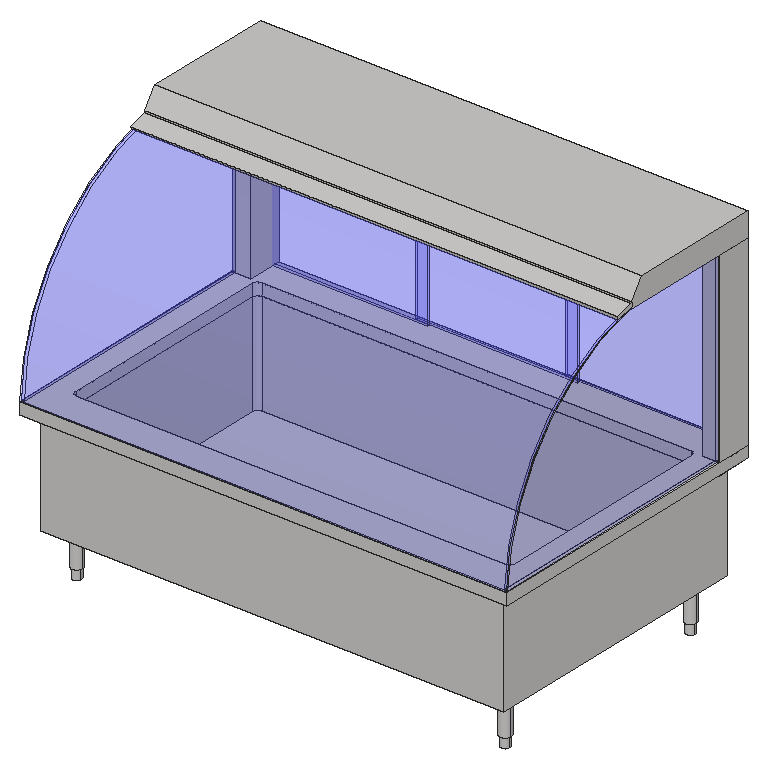
Revit family "QF_Vollrath_40732", category Specialty Equipment, Revit 2018
Family settings
  Round Connector Dimension = Use Diameter
  Part Type = Normal
  OmniClass Number = 23.40.40.11.21
  OmniClass Title = Hot Cabinets
  Work Plane-Based = No
  Always vertical = Yes
  Cut with Voids When Loaded = No
  Shared = No
  Room Calculation Point = No
Parameters (values of type "40732/BMA7103")
  Width = 3' - 6"
  Weight in Pounds = 143
  Watts = 1440 W
  Watermarked By = "http://revitwatermark.com"
  Volts = 120 V
  URL Cutsheet = ""
  URL = "www.vollrathfoodservice.com"
  Status [instance] = ""
  Specification by User [instance] = ""
  Specification by Manufacturer [instance] = ""
  Serial Number [instance] = ""
  Seismic Rating [instance] = ""
  SMACNA No [instance] = ""
  Revision Code [instance] = ""
  Phase = 1
  Number of Poles [instance] = 1
  NAFEM Spec ID Number [instance] = ""
  Model = "40732/BMA7103"
  Masterspec [instance] = ""
  Manufacturer = "Vollrath"
  Item Number [instance] = "-"
  Installed By [instance] = ""
  Furnished By [instance] = ""
  Foodservice Equipment Identifier [instance] = yes
  FL Amps = 12 A
  Electrical Remarks [instance] = ""
  Electric Connection Type [instance] = ""
  Elec Conn RI Height [instance] = 0' - 0"
  Elec Conn Connection Height [instance] = 2' - 7 1/2"
  Description = "Bain Marie Display Case"
  Cycle = 60 Hz
  Conn Plug = "NEMA 5-15P"
  CSI MasterFormat = "11 41 00"
  Assembly Code = "E1090320"
  Apparent Power = Volts * FL Amps  # 1440 VA
Reference planes (in)
  plane 1: z = 0
  plane 2 "RIGHT": x = 18.71801
  plane 3 "Front of Base": y = -20
  plane 4 "FRONT": y = -21
  plane 5 "Back of Base": y = 4
  plane 6 "Left Support": x = -21.78199
  plane 7 "Right Support": x = 17.21801
  plane 8: x = -9.28199
  plane 9: x = 4.71801
  plane 10 "Top of Base": z = 13
  plane 11 "Bottom": z = 4
  plane 12 "TOP": z = 32.125
  plane 13: x = -23.28199
  plane 14 "2": y = 5
  plane 15 "Inside of Support": y = 2
  plane 16 "Legs": z = 0
Forms (in)
  Extrusion 1, solid, material "QF_Finishes_Stainless Steel"
    sketch origin (-23.78199, 0, -19) x (0, 1, 0) y (0, 0, 1)
      loop
        line (5, 32) -> (5, 33) -> (-21, 33) -> (-21, 32) -> (5, 32)
    from 0.5 to 42.5
  Extrusion 2, solid, material "QF_Finishes_Stainless Steel"
    sketch origin (18.71801, -5.5, -18.375) x (0, 1, 0) y (0, 0, 1)
      loop
        line (10.5, 50.5) -> (-0.92405, 50.5) -> (-2, 48.96339) -> (-2, 48.46339) -> (10.5, 48.46339) -> (10.5, 50.5)
    from 0 to -42
  Extrusion 3, solid, material "QF_Finishes_Glass"
    sketch origin (18.71801, 0, -21.69898) x (0, 1, 0) y (0, 0, 1)
      loop
        line (-21, 35.69898) -> (-20.86831, 35.69898)
        arc (-20.86831, 35.69898) -> (-16.96888, 46.05709) -> (-7.5, 51.78737) r 16.91643
        line (-7.5, 51.78737) -> (-7.5, 51.90997)
        arc (-7.5, 51.90997) -> (-17.06012, 46.14466) -> (-21, 35.69898) r 17.04084
    from 0 to -42
  Extrusion 4, solid, material "QF_Finishes_Stainless Steel"
    sketch origin (0, 0, 13) x (0, 1, 0) y (-1, 0, 0)
      loop
        line (4, 22.28199) -> (-20, 22.28199) -> (-20, -17.71801) -> (4, -17.71801) -> (4, 22.28199)
      loop
        arc (-17.5, 21.28199) -> (-17.85355, 21.13555) -> (-18, 20.78199) r 0.5
        line (-18, 20.78199) -> (-18, -16.21801)
        arc (-18, -16.21801) -> (-17.85355, -16.57156) -> (-17.5, -16.71801) r 0.5
        line (-17.5, -16.71801) -> (1.5, -16.71801)
        arc (1.5, -16.71801) -> (1.85355, -16.57156) -> (2, -16.21801) r 0.5
        line (2, -16.21801) -> (2, 20.78199)
        arc (2, 20.78199) -> (1.85355, 21.13555) -> (1.5, 21.28199) r 0.5
        line (1.5, 21.28199) -> (-17.5, 21.28199)
    from 0 to -9
  Extrusion 5, solid, material "QF_Finishes_Stainless Steel"
    sketch origin (0, 0, 4) x (0, 1, 0) y (-1, 0, 0)
      loop
        arc (3.375, 21.03199) -> (3.11872, 21.65071) -> (2.5, 21.90699) r 0.875
        line (2.5, 21.90699) -> (-19, 21.90699)
        arc (-19, 21.90699) -> (-19.61872, 21.65071) -> (-19.875, 21.03199) r 0.875
        line (-19.875, 21.03199) -> (-19.875, -15.96801)
        arc (-19.875, -15.96801) -> (-19.61872, -16.58673) -> (-19, -16.84301) r 0.875
        line (-19, -16.84301) -> (2.5, -16.84301)
        arc (2.5, -16.84301) -> (3.11872, -16.58673) -> (3.375, -15.96801) r 0.875
        line (3.375, -15.96801) -> (3.375, 21.03199)
    from 0 to 0.125
  Extrusion 6, solid, material "QF_Finishes_Stainless Steel"
    sketch origin (0, 0, -18.5) x (1, 0, 0) y (0, 1, 0)
      loop
        line (-23.28199, 5) -> (-23.28199, 2) -> (-21.78199, 2) -> (-21.78199, 5) -> (-23.28199, 5)
    from 31.5 to 48.58839
  Extrusion 7, solid, material "QF_Finishes_Stainless Steel"
    sketch origin (-4.56398, 0, -18.5) x (-1, 0, 0) y (0, -1, 0)
      loop
        line (-23.28199, -5) -> (-21.78199, -5) -> (-21.78199, -2) -> (-23.28199, -2) -> (-23.28199, -5)
    from 31.5 to 48.58839
  Extrusion 8, solid, material "QF_Finishes_Glass"
    sketch origin (-21.78199, 0, -18.5) x (0, 1, 0) y (0, 0, 1)
      loop
        line (1.9375, 48.52589) -> (-7.78024, 48.52589)
        arc (-7.78024, 48.52589) -> (-17.04036, 42.77149) -> (-20.86652, 32.5625) r 16.91643
        line (-20.86652, 32.5625) -> (1.9375, 32.5625) -> (1.9375, 48.52589)
    from -1.5 to -1.22869
  Extrusion 9, solid, material "QF_Finishes_Glass"
    sketch origin (17.21801, 0, -18.5) x (0, 1, 0) y (0, 0, -1)
      loop
        line (1.9375, -48.52589) -> (1.9375, -32.5625) -> (-20.86652, -32.5625)
        arc (-20.86652, -32.5625) -> (-17.04036, -42.77149) -> (-7.78024, -48.52589) r 16.91643
        line (-7.78024, -48.52589) -> (1.9375, -48.52589)
    from -1.5 to -1.22869
  Extrusion 10, solid, material "QF_Finishes_Stainless Steel"
    sketch origin (-21.78199, 0, -18.5) x (0, 1, 0) y (0, 0, 1)
      loop
        line (-7.5, 48.72661) -> (-7.5, 48.97661) -> (-9.00835, 48.56529) -> (-8.95105, 48.34654) -> (-7.5, 48.72661)
    from -1.5 to 40.5
  Extrusion 11, void
    sketch origin (0, 0, -18.5) x (1, 0, 0) y (0, 1, 0)
      loop
        arc (-21.28199, -17.5) -> (-21.13555, -17.85355) -> (-20.78199, -18) r 0.5
        line (-20.78199, -18) -> (16.21801, -18)
        arc (16.21801, -18) -> (16.57156, -17.85355) -> (16.71801, -17.5) r 0.5
        line (16.71801, -17.5) -> (16.71801, 1.5)
        arc (16.71801, 1.5) -> (16.57156, 1.85355) -> (16.21801, 2) r 0.5
        line (16.21801, 2) -> (-20.78199, 2)
        arc (-20.78199, 2) -> (-21.13555, 1.85355) -> (-21.28199, 1.5) r 0.5
        line (-21.28199, 1.5) -> (-21.28199, -17.5)
    from 31.40934 to 32.63058
  Extrusion 12, solid, material "QF_Finishes_Glass"
    sketch origin (0, -0.5, -18.5) x (1, 0, 0) y (0, 1, 0)
      loop
        line (-21.78199, 5) -> (-21.78199, 4.75) -> (-8.28199, 4.75) -> (-8.28199, 5) -> (-21.78199, 5)
    from 32.5 to 49.08839
  Extrusion 13, solid, material "QF_Finishes_Glass"
    sketch origin (12.5, -0.25, -18.5) x (1, 0, 0) y (0, 1, 0)
      loop
        line (-22.03199, 5) -> (-22.03199, 4.75) -> (-8.03199, 4.75) -> (-8.03199, 5) -> (-22.03199, 5)
    from 32.5 to 49.08839
  Extrusion 14, solid, material "QF_Finishes_Glass"
    sketch origin (26, 0, -18.5) x (1, 0, 0) y (0, 1, 0)
      loop
        line (-22.78199, 5) -> (-22.78199, 4.75) -> (-8.78199, 4.75) -> (-8.78199, 5) -> (-22.78199, 5)
    from 32.5 to 49.08839
  Extrusion 15, solid, material "QF_Finishes_Stainless Steel"
    sketch origin (0, 0, -18.5) x (1, 0, 0) y (0, 1, 0)
      loop
        circle (-20.78199, 2) r 0.5
    from 19.39212 to 22.5
  Extrusion 16, solid, material "QF_Finishes_Stainless Steel"
    sketch origin (0, -16, -18.5) x (1, 0, 0) y (0, 1, 0)
      loop
        circle (-20.78199, -2) r 0.5
    from 19.39212 to 22.5
  Extrusion 17, solid, material "QF_Finishes_Stainless Steel"
    sketch origin (-4.56398, 0, -18.5) x (-1, 0, 0) y (0, -1, 0)
      loop
        circle (-20.78199, -2) r 0.5
    from 19.39212 to 22.5
  Extrusion 18, solid, material "QF_Finishes_Stainless Steel"
    sketch origin (-4.56398, -16, -18.5) x (-1, 0, 0) y (0, -1, 0)
      loop
        circle (-20.78199, 2) r 0.5
    from 19.39212 to 22.5
  Extrusion 19, solid, material "QF_Finishes_Stainless Steel"
    sketch origin (0, 0, -18.5) x (1, 0, 0) y (0, 1, 0)
      loop
        circle (-20.78199, 2) r 0.375
    from 18.5 to 19.39212
  Extrusion 20, solid, material "QF_Finishes_Stainless Steel"
    sketch origin (0, -20, -18.5) x (1, 0, 0) y (0, 1, 0)
      loop
        circle (-20.78199, 2) r 0.375
    from 18.5 to 19.39212
  Extrusion 21, solid, material "QF_Finishes_Stainless Steel"
    sketch origin (37, -20, -18.5) x (1, 0, 0) y (0, 1, 0)
      loop
        circle (-20.78199, 2) r 0.375
    from 18.5 to 19.39212
  Extrusion 22, solid, material "QF_Finishes_Stainless Steel"
    sketch origin (37, 0, -18.5) x (1, 0, 0) y (0, 1, 0)
      loop
        circle (-20.78199, 2) r 0.375
    from 18.5 to 19.39212
Cuts and joins
  Extrusion 11 cuts Extrusion 1
Lines and regions (in)
  symbolic lines
    curve 1: line (18.46801, -21, 0) -> (-23.78199, -21, 0)
    curve 2: line (-23.28199, 5, 0) -> (-23.28199, -6.42405, 0)
    curve 3: line (18.71801, 5, 0) -> (-23.28199, 5, 0)
    curve 4: line (-23.28199, -6.42405, 0) -> (-23.28199, -21, 0)
    curve 5: line (-23.28199, -21, 0) -> (18.71801, -21, 0)
    curve 6: line (18.71801, -21, 0) -> (18.71801, -6.42405, 0)
    curve 7: line (18.71801, -6.42405, 0) -> (18.71801, 5, 0)
    curve 8: line (-23.28199, -6.42405, 0) -> (18.71801, -6.42405, 0)
Dimensions and locks (in)
  plane 12 "TOP" to Extrusion 2 sketch curve = 0' - 0"
  Extrusion 2 sketch curve to Extrusion 2 sketch curve = 0' - 2.03661"
  aligned and locked: level to plane 1
  aligned and locked: Extrusion 1 to plane 13
  aligned and locked: Extrusion 2 to plane 13
  aligned and locked: Extrusion 3 to plane 13
  aligned and locked: Extrusion 4 to plane 11 "Bottom"
  aligned and locked: plane 4 "FRONT" to Extrusion 1
  aligned and locked: plane 2 "RIGHT" to Extrusion 2
  aligned and locked: plane 14 "2" to Extrusion 1
  aligned and locked: plane 2 "RIGHT" to Extrusion 3
  aligned and locked: plane 2 "RIGHT" to Extrusion 1
  aligned and locked: Extrusion 6 to Extrusion 2
  aligned and locked: Extrusion 6 to plane 10 "Top of Base"
  aligned and locked: Extrusion 7 to plane 7 "Right Support"
  aligned and locked: Extrusion 10 to plane 13
  aligned and locked: plane 2 "RIGHT" to Extrusion 10
  aligned and locked: Extrusion 12 to Extrusion 2
  aligned and locked: Extrusion 3 to Extrusion 12
  aligned and locked: plane 11 "Bottom" to Extrusion 18
  aligned and locked: plane 11 "Bottom" to Extrusion 15
  aligned and locked: plane 11 "Bottom" to Extrusion 17
  aligned and locked: Extrusion 19 to plane 16 "Legs"
  aligned and locked: Extrusion 15 to Extrusion 16
